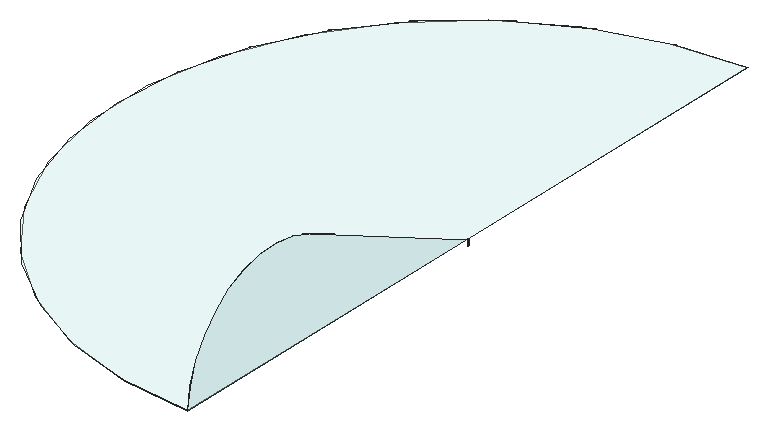
Revit family "Rotor Falvon 6504 Series - 6504PCSSNP", category Acessórios do tubo, Revit 2020
Family settings
  Cota do conector redondo = Utilizar diâmetro
  Tipo de parte = Normal
  Número OmniClass = 23.60.30.11.14
  Título OmniClass = Pipework Fittings
  Com base no plano de trabalho = Não
  Sempre na vertical = Sim
  Corte com vazios quando carregada = Não
  Compartilhado = Não
Parameters (values of type "Nozzle 18")
  Water = Water
  URL = "https://www.rainbird.com/"
  TABLE 90 = "TABLE 90psi"
  TABLE 80 = "TABLE 80psi"
  TABLE 70 = "TABLE 70psi"
  TABLE 60 = "TABLE 60psi"
  TABLE 50 = "TABLE 50psi"
  TABLE 40 = "TABLE 40psi"
  TABLE 30 = "TABLE 30psi"
  SupportProjetos: Reviw Date = ""  # constant formula
  SupportProjetos: Reviw = "R00"  # constant formula
  SupportProjetos: Level of Detail = "LOD 300"  # constant formula
  SupportProjetos: Developed = "MICHEL SOARES MOTA"  # constant formula
  SupportProjetos: Creation Date = "07/08/2020"  # constant formula
  Side inlet = no
  Rotation Water Visibility [instance] = Pop up on  # yes
  Rotation Angle [instance] = 180.00°
  RainBird: Product Link = "https://www.rainbird.com/"
  RainBird: Description = "FALCON 6504-PC-SS-NP Rotor "  # constant formula
  RainBird: Comment [instance] = ""
  RainBird: Code = "B65521NP"  # constant formula
  Radius [instance] = if(and(Pressure = 30.0 psi, Instance < 3 ft), size_lookup(TABLE 30, "Radius", 0 ft, Instance), if(and(Pressure = 40.0 psi, Instance < 9 ft), size_lookup(TABLE 40, "Radius", 0 ft, Instance), if(and(Pressure = 50.0 psi, Instance < 9 ft), size_lookup(TABLE 50, "Radius", 0 ft, Instance), if(and(Pressure = 60.0 psi, Instance < 9 ft), size_lookup(TABLE 60, "Radius", 0 ft, Instance), if(and(Pressure = 70.0 psi, Instance < 9 ft), size_lookup(TABLE 70, "Radius", 0 ft, Instance), if(and(Pressure = 80.0 psi, Instance < 9 ft), size_lookup(TABLE 80, "Radius", 0 ft, Instance), if(and(Pressure = 90.0 psi, Instance > 7 ft), size_lookup(TABLE 90, "Radius", 600 ft, Instance), 0 ft)))))))  # 63 ft
  RT = 0.009893 ft
  RN = 0.032808 ft
  R5 = 0.03937 ft
  R4 = 0.04101 ft
  R3 = 0.065617 ft
  R2 = 0.075407 ft
  R1 = 0.032808 ft
  Pressure [instance] = 60.0 psi
  Pop up height = 0.334646 ft
  Pop up on [instance] = yes
  Modelo = "6504-PCSSNP"  # constant formula
  Instance = 8 ft
  H1 = Body height / 3  # 0.236333 ft
  Flow [instance] = if(and(Pressure = 30.0 psi, Instance < 3 ft), size_lookup(TABLE 30, "Flow", 0.0 GPM, Instance), if(and(Pressure = 40.0 psi, Instance < 9 ft), size_lookup(TABLE 40, "Flow", 0.0 GPM, Instance), if(and(Pressure = 50.0 psi, Instance < 9 ft), size_lookup(TABLE 50, "Flow", 0.0 GPM, Instance), if(and(Pressure = 60.0 psi, Instance < 9 ft), size_lookup(TABLE 60, "Flow", 0.0 GPM, Instance), if(and(Pressure = 70.0 psi, Instance < 9 ft), size_lookup(TABLE 70, "Flow", 0.0 GPM, Instance), if(and(Pressure = 80.0 psi, Instance < 9 ft), size_lookup(TABLE 80, "Flow", 0.0 GPM, Instance), if(and(Pressure = 90.0 psi, Instance > 7 ft), size_lookup(TABLE 90, "Flow", 0.0 GPM, Instance), 0.0 GPM)))))))  # 17.1 GPM
  Fabricante = "Rain Bird"
  Elevação padrão = 0 ft
  Description = RainBird: Description  # "FALCON 6504-PC-SS-NP Rotor "
  DD13 = 0.002625 ft
  DD12 = 0.003937 ft
  DD11 = 0.009897 ft
  DD10 = 0.016404 ft
  DD8 [instance] = if(Pop up on, Pop up height, 0 ft)  # 0.334646 ft
  DD7 = 0.019685 ft
  DD6 [instance] = 0.016404 ft
  DD5 = 0.065617 ft
  DD4 = 0.032808 ft
  DD3 = 0.091048 ft
  DD2 [instance] = 0.024514 ft
  DD9 [instance] = if(Pop up on, Pop up height + 0.049541 ft, 0 ft)  # 0.384186 ft
  DD1 = 0.006562 ft
  Conection = 0.062664 ft  # constant formula
  Body height = 0.709 ft  # constant formula
  Blue = Blue Plastic
  Black Plastic = Black Plastic
  Angle = 25.00°
Types (9, lengths in ft): name | Radius | Pressure | Instance | Flow
  (no name) | 63 | 60.0 psi | 8 | 17.1 GPM
  Nozzle 4 | 43 | 80.0 psi | 1 | 4.6 GPM
  Nozzle 6 | 49 | 80.0 psi | 2 | 4.9 GPM
  Nozzle 8 | 53 | 80.0 psi | 3 | 9.4 GPM
  Nozzle 10 | 55 | 80.0 psi | 4 | 11.6 GPM
  Nozzle 12 | 61 | 80.0 psi | 5 | 14.0 GPM
  Tipo 14 | 61 | 80.0 psi | 6 | 16.2 GPM
  Nozzle 16 | 63 | 80.0 psi | 7 | 18.1 GPM
  Nozzle 18 | 63 | 60.0 psi | 8 | 17.1 GPM
Reference planes (ft)
  plane 1 "Centro (Frente/Trás)": y = 0
  plane 2: z = 0
  plane 3 "Centro (Esquerda/Direita)": x = 0
  plane 4: z = 0.003937
  plane 5: z = 0.002625
  plane 6: y = -0.065617
Forms (ft)
  Revolve 1, solid, material "Black Plastic" <- "Black Plastic"
    sketch origin (0, 0, 0) x (1, 0, 0) y (0, 0, 1)
      loop
        line (0.075407, -0.091048) -> (0.075407, -0.035324)
        arc (0.075407, -0.035324) -> (0.072509, -0.028329) -> (0.065514, -0.025431) r 0.009893
        line (0.065514, -0.025431) -> (0.046098, -0.025431) -> (0.046098, 0) -> (0.03937, 0) -> (0.03937, -0.334646) -> (0.019685, -0.334646) -> (0.019685, -0.702438) -> (0.032808, -0.702438) -> (0.032808, -0.709) -> (0.04101, -0.709) -> (0.04101, -0.702438) -> (0.055724, -0.702438)
        arc (0.055724, -0.702438) -> (0.062719, -0.699541) -> (0.065617, -0.692545) r 0.009893
        line (0.065617, -0.692545) -> (0.065617, -0.091048) -> (0.075407, -0.091048)
      axis (0, -0.709) -> (0, 0)
    angle from 0 to 360
  Extrusion 2, solid, material "Black Plastic" <- "Black Plastic"
    sketch origin (0, 0, 0) x (1, 0, 0) y (0, 1, 0)
      loop
        circle (0, 0) r 0.032808
    from -0.334646 to 0.334646
  Extrusion 3, void
    sketch origin (0, 0, 0) x (1, 0, 0) y (0, 1, 0)
      loop
        circle (0, 0) r 0.022844
    from -0.334646 to 0.334646
  Revolve 4, solid, material "Black Plastic" <- "Black Plastic"
    sketch origin (0, 0, 0) x (1, 0, 0) y (0, 0, 1)
      loop
        line (0, 0.334646) -> (0.037004, 0.334646) -> (0.037004, 0.344543)
        arc (0.037004, 0.344543) -> (0.01879, 0.349436) -> (0, 0.35105) r 0.10685
        line (0, 0.35105) -> (0, 0.334646)
      axis (0, 0.334646) -> (0, 0.35105)
    angle from 0 to 360
  Extrusion 5, solid, material "Blue Plastic" <- "Blue"
    sketch origin (0, 0, 0) x (1, 0, 0) y (0, 0, 1)
      loop
        circle (0, 0.310131) r 0.009129
      loop
        circle (0, 0.310131) r 0.004793
    from 0 to 0.034386
  Extrusion 6, void
    sketch origin (0, 0, 0) x (1, 0, 0) y (0, 0, 1)
      loop
        line (-0.02074, 0.328055) -> (-0.02074, 0.282426) -> (0.020672, 0.282426) -> (0.020672, 0.328055) -> (-0.02074, 0.328055)
      loop
        line (-0.018439, 0.325179) -> (-0.018439, 0.285685) -> (0.018179, 0.285685) -> (0.018179, 0.325179) -> (-0.018439, 0.325179)
    from 0.024556 to 0.06931
  Extrusion 7, solid, material "Black Plastic" <- "Black Plastic"
    sketch origin (0, 0, 0) x (1, 0, 0) y (0, 0, 1)
      loop
        line (0.046098, 0) -> (0.046098, -0.036876) -> (0.073493, -0.036876) -> (0.046098, 0)
    from -0.002998 to 0.002998
  Extrusion 8, solid, material "Black Plastic" <- "Black Plastic"
    sketch origin (0, 0, 0) x (-1, 0, 0) y (0, 0, -1)
      loop
        line (0.046098, 0) -> (0.073493, 0.036876) -> (0.046098, 0.036876) -> (0.046098, 0)
    from -0.002998 to 0.002998
  Extrusion 9, solid, material "Black Plastic" <- "Black Plastic"
    sketch origin (0, 0, 0) x (0.866025, 0.5, 0) y (0, 0, 1)
      loop
        line (0.046098, 0) -> (0.046098, -0.036876) -> (0.073493, -0.036876) -> (0.046098, 0)
    from -0.002998 to 0.002998
  Extrusion 10, solid, material "Black Plastic" <- "Black Plastic"
    sketch origin (0, 0, 0) x (-0.866025, -0.5, 0) y (0, 0, -1)
      loop
        line (0.046098, 0) -> (0.073493, 0.036876) -> (0.046098, 0.036876) -> (0.046098, 0)
    from -0.002998 to 0.002998
  Extrusion 11, solid, material "Black Plastic" <- "Black Plastic"
    sketch origin (0, 0, 0) x (0, 1, 0) y (0, 0, 1)
      loop
        line (0.046098, 0) -> (0.046098, -0.036876) -> (0.073493, -0.036876) -> (0.046098, 0)
    from -0.002998 to 0.002998
  Extrusion 12, solid, material "Black Plastic" <- "Black Plastic"
    sketch origin (0, 0, 0) x (0, -1, 0) y (0, 0, -1)
      loop
        line (0.046098, 0) -> (0.073493, 0.036876) -> (0.046098, 0.036876) -> (0.046098, 0)
    from -0.002998 to 0.002998
  Extrusion 13, solid, material "Black Plastic" <- "Black Plastic"
    sketch origin (0, 0, 0) x (0.5, 0.866025, 0) y (0, 0, 1)
      loop
        line (0.046098, 0) -> (0.046098, -0.036876) -> (0.073493, -0.036876) -> (0.046098, 0)
    from -0.002998 to 0.002998
  Extrusion 14, solid, material "Black Plastic" <- "Black Plastic"
    sketch origin (0, 0, 0) x (-0.5, -0.866025, 0) y (0, 0, -1)
      loop
        line (0.046098, 0) -> (0.073493, 0.036876) -> (0.046098, 0.036876) -> (0.046098, 0)
    from -0.002998 to 0.002998
  Extrusion 15, solid, material "Black Plastic" <- "Black Plastic"
    sketch origin (0, 0, 0) x (-0.5, 0.866025, 0) y (0, 0, 1)
      loop
        line (0.046098, 0) -> (0.046098, -0.036876) -> (0.073493, -0.036876) -> (0.046098, 0)
    from -0.002998 to 0.002998
  Extrusion 16, solid, material "Black Plastic" <- "Black Plastic"
    sketch origin (0, 0, 0) x (0.5, -0.866025, 0) y (0, 0, -1)
      loop
        line (0.046098, 0) -> (0.073493, 0.036876) -> (0.046098, 0.036876) -> (0.046098, 0)
    from -0.002998 to 0.002998
  Extrusion 17, solid, material "Black Plastic" <- "Black Plastic"
    sketch origin (0, 0, 0) x (-0.866025, 0.5, 0) y (0, 0, 1)
      loop
        line (0.046098, 0) -> (0.046098, -0.036876) -> (0.073493, -0.036876) -> (0.046098, 0)
    from -0.002998 to 0.002998
  Extrusion 18, solid, material "Black Plastic" <- "Black Plastic"
    sketch origin (0, 0, 0) x (0.866025, -0.5, 0) y (0, 0, -1)
      loop
        line (0.046098, 0) -> (0.073493, 0.036876) -> (0.046098, 0.036876) -> (0.046098, 0)
    from -0.002998 to 0.002998
  Extrusion 19, void
    sketch origin (0, 0, 0) x (1, 0, 0) y (0, 1, 0)
      loop
        line (-0.002998, 0.077702) -> (-0.002998, 0.071655) -> (0.002998, 0.071655) -> (0.002998, 0.077702) -> (-0.002998, 0.077702)
    from -0.091048 to 0.82021
  Extrusion 20, void
    sketch origin (0, 0, 0) x (1, 0, 0) y (0, 1, 0)
      loop
        line (0.002998, -0.077702) -> (0.002998, -0.071655) -> (-0.002998, -0.071655) -> (-0.002998, -0.077702) -> (0.002998, -0.077702)
    from -0.091048 to 0.82021
  Extrusion 21, void
    sketch origin (0, 0, 0) x (0.965926, 0.258819, 0) y (-0.258819, 0.965926, 0)
      loop
        line (-0.002998, 0.077702) -> (-0.002998, 0.071655) -> (0.002998, 0.071655) -> (0.002998, 0.077702) -> (-0.002998, 0.077702)
    from -0.091048 to 0.82021
  Extrusion 22, void
    sketch origin (0, 0, 0) x (0.965926, 0.258819, 0) y (-0.258819, 0.965926, 0)
      loop
        line (0.002998, -0.077702) -> (0.002998, -0.071655) -> (-0.002998, -0.071655) -> (-0.002998, -0.077702) -> (0.002998, -0.077702)
    from -0.091048 to 0.82021
  Extrusion 23, void
    sketch origin (0, 0, 0) x (0.866025, 0.5, 0) y (-0.5, 0.866025, 0)
      loop
        line (-0.002998, 0.077702) -> (-0.002998, 0.071655) -> (0.002998, 0.071655) -> (0.002998, 0.077702) -> (-0.002998, 0.077702)
    from -0.091048 to 0.82021
  Extrusion 24, void
    sketch origin (0, 0, 0) x (0.866025, 0.5, 0) y (-0.5, 0.866025, 0)
      loop
        line (0.002998, -0.077702) -> (0.002998, -0.071655) -> (-0.002998, -0.071655) -> (-0.002998, -0.077702) -> (0.002998, -0.077702)
    from -0.091048 to 0.82021
  Extrusion 25, void
    sketch origin (0, 0, 0) x (0.5, 0.866025, 0) y (-0.866025, 0.5, 0)
      loop
        line (-0.002998, 0.077702) -> (-0.002998, 0.071655) -> (0.002998, 0.071655) -> (0.002998, 0.077702) -> (-0.002998, 0.077702)
    from -0.091048 to 0.82021
  Extrusion 26, void
    sketch origin (0, 0, 0) x (0.5, 0.866025, 0) y (-0.866025, 0.5, 0)
      loop
        line (0.002998, -0.077702) -> (0.002998, -0.071655) -> (-0.002998, -0.071655) -> (-0.002998, -0.077702) -> (0.002998, -0.077702)
    from -0.091048 to 0.82021
  Extrusion 27, void
    sketch origin (0, 0, 0) x (0.707107, 0.707107, 0) y (-0.707107, 0.707107, 0)
      loop
        line (-0.002998, 0.077702) -> (-0.002998, 0.071655) -> (0.002998, 0.071655) -> (0.002998, 0.077702) -> (-0.002998, 0.077702)
    from -0.091048 to 0.82021
  Extrusion 28, void
    sketch origin (0, 0, 0) x (0.707107, 0.707107, 0) y (-0.707107, 0.707107, 0)
      loop
        line (0.002998, -0.077702) -> (0.002998, -0.071655) -> (-0.002998, -0.071655) -> (-0.002998, -0.077702) -> (0.002998, -0.077702)
    from -0.091048 to 0.82021
  Extrusion 29, void
    sketch origin (0, 0, 0) x (0.258819, 0.965926, 0) y (-0.965926, 0.258819, 0)
      loop
        line (-0.002998, 0.077702) -> (-0.002998, 0.071655) -> (0.002998, 0.071655) -> (0.002998, 0.077702) -> (-0.002998, 0.077702)
    from -0.091048 to 0.82021
  Extrusion 30, void
    sketch origin (0, 0, 0) x (0.258819, 0.965926, 0) y (-0.965926, 0.258819, 0)
      loop
        line (0.002998, -0.077702) -> (0.002998, -0.071655) -> (-0.002998, -0.071655) -> (-0.002998, -0.077702) -> (0.002998, -0.077702)
    from -0.091048 to 0.82021
  Extrusion 31, void
    sketch origin (0, 0, 0) x (0, 1, 0) y (-1, 0, 0)
      loop
        line (-0.002998, 0.077702) -> (-0.002998, 0.071655) -> (0.002998, 0.071655) -> (0.002998, 0.077702) -> (-0.002998, 0.077702)
    from -0.091048 to 0.82021
  Extrusion 32, void
    sketch origin (0, 0, 0) x (0, 1, 0) y (-1, 0, 0)
      loop
        line (0.002998, -0.077702) -> (0.002998, -0.071655) -> (-0.002998, -0.071655) -> (-0.002998, -0.077702) -> (0.002998, -0.077702)
    from -0.091048 to 0.82021
  Extrusion 33, void
    sketch origin (0, 0, 0) x (-0.258819, 0.965926, 0) y (-0.965926, -0.258819, 0)
      loop
        line (-0.002998, 0.077702) -> (-0.002998, 0.071655) -> (0.002998, 0.071655) -> (0.002998, 0.077702) -> (-0.002998, 0.077702)
    from -0.091048 to 0.82021
  Extrusion 34, void
    sketch origin (0, 0, 0) x (-0.258819, 0.965926, 0) y (-0.965926, -0.258819, 0)
      loop
        line (0.002998, -0.077702) -> (0.002998, -0.071655) -> (-0.002998, -0.071655) -> (-0.002998, -0.077702) -> (0.002998, -0.077702)
    from -0.091048 to 0.82021
  Extrusion 35, void
    sketch origin (0, 0, 0) x (-0.5, 0.866025, 0) y (-0.866025, -0.5, 0)
      loop
        line (-0.002998, 0.077702) -> (-0.002998, 0.071655) -> (0.002998, 0.071655) -> (0.002998, 0.077702) -> (-0.002998, 0.077702)
    from -0.091048 to 0.82021
  Extrusion 36, void
    sketch origin (0, 0, 0) x (-0.5, 0.866025, 0) y (-0.866025, -0.5, 0)
      loop
        line (0.002998, -0.077702) -> (0.002998, -0.071655) -> (-0.002998, -0.071655) -> (-0.002998, -0.077702) -> (0.002998, -0.077702)
    from -0.091048 to 0.82021
  Extrusion 37, void
    sketch origin (0, 0, 0) x (-0.707107, 0.707107, 0) y (-0.707107, -0.707107, 0)
      loop
        line (-0.002998, 0.077702) -> (-0.002998, 0.071655) -> (0.002998, 0.071655) -> (0.002998, 0.077702) -> (-0.002998, 0.077702)
    from -0.091048 to 0.82021
  Extrusion 38, void
    sketch origin (0, 0, 0) x (-0.707107, 0.707107, 0) y (-0.707107, -0.707107, 0)
      loop
        line (0.002998, -0.077702) -> (0.002998, -0.071655) -> (-0.002998, -0.071655) -> (-0.002998, -0.077702) -> (0.002998, -0.077702)
    from -0.091048 to 0.82021
  Extrusion 39, void
    sketch origin (0, 0, 0) x (-0.866025, 0.5, 0) y (-0.5, -0.866025, 0)
      loop
        line (-0.002998, 0.077702) -> (-0.002998, 0.071655) -> (0.002998, 0.071655) -> (0.002998, 0.077702) -> (-0.002998, 0.077702)
    from -0.091048 to 0.82021
  Extrusion 40, void
    sketch origin (0, 0, 0) x (-0.866025, 0.5, 0) y (-0.5, -0.866025, 0)
      loop
        line (0.002998, -0.077702) -> (0.002998, -0.071655) -> (-0.002998, -0.071655) -> (-0.002998, -0.077702) -> (0.002998, -0.077702)
    from -0.091048 to 0.82021
  Extrusion 41, void
    sketch origin (0, 0, 0) x (-0.965926, 0.258819, 0) y (-0.258819, -0.965926, 0)
      loop
        line (-0.002998, 0.077702) -> (-0.002998, 0.071655) -> (0.002998, 0.071655) -> (0.002998, 0.077702) -> (-0.002998, 0.077702)
    from -0.091048 to 0.82021
  Extrusion 42, void
    sketch origin (0, 0, 0) x (-0.965926, 0.258819, 0) y (-0.258819, -0.965926, 0)
      loop
        line (0.002998, -0.077702) -> (0.002998, -0.071655) -> (-0.002998, -0.071655) -> (-0.002998, -0.077702) -> (0.002998, -0.077702)
    from -0.091048 to 0.82021
  Extrusion 43, solid, material "Water" <- "Water", visible <- "Rotation Water Visibility"
    sketch origin (0, 0, 0) x (0, 1, 0) y (0, 0, 1)
      loop
        line (-0.032808, 0.310131) -> (-35.615202, 16.902474)
        arc (-35.615202, 16.902474) -> (-53.751991, 15.923219) -> (-63.032808, 0.310131) r 19.287003
        line (-63.032808, 0.310131) -> (-0.032808, 0.310131)
    from -0.008202 to 0.008202
Cuts and joins
  Extrusion 3, Extrusion 6 cuts Extrusion 2
  Extrusion 19, Extrusion 20, Extrusion 21, Extrusion 22, Extrusion 23, Extrusion 24, Extrusion 25, Extrusion 26, Extrusion 27, Extrusion 28, Extrusion 29, Extrusion 30, Extrusion 31, Extrusion 32, Extrusion 33, Extrusion 34, Extrusion 35, Extrusion 36, Extrusion 37, Extrusion 38, Extrusion 39, Extrusion 40, Extrusion 41, Extrusion 42 cuts Revolve 1
Dimensions and locks (ft)
  "Body height": level to Revolve 1 sketch curve
  "R2": Revolve 1 sketch curve to plane 3 "Centro (Esquerda/Direita)"
  "DD1": Revolve 1 sketch curve to Revolve 1 sketch curve
  "DD3": level to Revolve 1 sketch curve
  Revolve 1 sketch curve to plane 3 "Centro (Esquerda/Direita)" = 0.065617 ft
  "R4": Revolve 1 sketch curve to plane 3 "Centro (Esquerda/Direita)"
  "RN": Revolve 1 sketch curve to plane 3 "Centro (Esquerda/Direita)"
  "Pop up height": level to Revolve 1 sketch curve
  "R5": plane 3 "Centro (Esquerda/Direita)" to Revolve 1 sketch curve
  "DD7": Revolve 1 sketch curve to plane 3 "Centro (Esquerda/Direita)"
  "DD8": Extrusion 2 to level
  "DD12": plane 4 to level
  "DD13": plane 5 to level
  "R3": plane 6 to plane 1 "Centro (Frente/Trás)"
  "DD5": Revolve 1 sketch curve to Revolve 1 sketch curve
  "DD10": Revolve 4 sketch curve to Revolve 4 sketch curve
  "DD11": Revolve 4 sketch curve to Revolve 4 sketch curve
  "DD2": Revolve 4 to Extrusion 5 sketch curve  (x2)
  Extrusion 7 to plane 3 "Centro (Esquerda/Direita)" = 0.046098 ft
  equal spacing: Extrusion 7, plane 1 "Centro (Frente/Trás)", Extrusion 7
  Extrusion 8 to Extrusion 8 = 0.005995 ft
  Extrusion 9 to Extrusion 9 = 0.005995 ft
  Extrusion 20 sketch curve to Extrusion 20 sketch curve = 0.005995 ft
  Extrusion 22 sketch curve to Extrusion 22 sketch curve = 0.005995 ft
  Extrusion 24 sketch curve to Extrusion 24 sketch curve = 0.005995 ft
  Extrusion 26 sketch curve to Extrusion 26 sketch curve = 0.005995 ft
  Extrusion 28 sketch curve to Extrusion 28 sketch curve = 0.005995 ft
  Extrusion 30 sketch curve to Extrusion 30 sketch curve = 0.005995 ft
  Extrusion 32 sketch curve to Extrusion 32 sketch curve = 0.005995 ft
  Extrusion 34 sketch curve to Extrusion 34 sketch curve = 0.005995 ft
  Extrusion 36 sketch curve to Extrusion 36 sketch curve = 0.005995 ft
  Extrusion 38 sketch curve to Extrusion 38 sketch curve = 0.005995 ft
  Extrusion 40 sketch curve to Extrusion 40 sketch curve = 0.005995 ft
  Extrusion 42 sketch curve to Extrusion 42 sketch curve = 0.005995 ft
  "DD4": plane 1 "Centro (Frente/Trás)" to Extrusion 43 sketch curve
  "DD2": Revolve 4 to Extrusion 43 sketch curve
  "Radius": Extrusion 43 sketch curve to Extrusion 43 sketch curve
  equal spacing: Extrusion 43, plane 3 "Centro (Esquerda/Direita)", Extrusion 43
  "DD6": Extrusion 43 to Extrusion 43
  "DD2": Revolve 4 to nested 1
  "RT": radius of Revolve 1 sketch curve  (x2)
  "R1": radius of Extrusion 2 sketch curve
  "Angle": angle Extrusion 43 sketch curve to Extrusion 43 sketch curve
  aligned and locked: level to plane 2
  aligned and locked: Revolve 1 sketch curve to Revolve 1 sketch curve
  aligned and locked: Extrusion 2 to Revolve 1
  aligned and locked: cut or joined group of Extrusion 2, Extrusion 3, Extrusion 6 to cut or joined group of Extrusion 2, Extrusion 3, Extrusion 6  (x2)
  aligned and locked: Revolve 4 sketch curve to cut or joined group of Extrusion 2, Extrusion 3, Extrusion 6
  aligned and locked: Extrusion 20 to Revolve 1
  aligned and locked: Extrusion 22 to Revolve 1
  aligned and locked: Extrusion 24 to Revolve 1
  aligned and locked: Extrusion 28 to Revolve 1
  aligned and locked: Extrusion 26 to Revolve 1
  aligned and locked: Extrusion 30 to Revolve 1
  aligned and locked: Extrusion 32 to Revolve 1
  aligned and locked: Extrusion 34 to Revolve 1
  aligned and locked: Revolve 1 to Extrusion 36
  aligned and locked: Revolve 1 to Extrusion 38
  aligned and locked: Extrusion 41 to Revolve 1
  aligned and locked: Extrusion 39 to Revolve 1
  aligned and locked: Extrusion 37 to Revolve 1
  aligned and locked: Extrusion 35 to Revolve 1
  aligned and locked: Extrusion 33 to Revolve 1
  aligned and locked: Extrusion 31 to Revolve 1
  aligned and locked: Extrusion 29 to Revolve 1
  aligned and locked: Revolve 1 to Extrusion 25
  aligned and locked: Revolve 1 to Extrusion 27
  aligned and locked: Revolve 1 to Extrusion 19
  aligned and locked: Revolve 1 to Extrusion 21
  aligned and locked: Revolve 1 to Extrusion 42
  aligned and locked: Revolve 1 to Extrusion 40
  aligned and locked: Revolve 1 to Extrusion 23
Automatic sketch dimensions
  plane 1 "Centro (Frente/Trás)" to Extrusion 2 sketch curve = 0 ft
  Extrusion 2 sketch curve to plane 3 "Centro (Esquerda/Direita)" = 0 ft
  plane 1 "Centro (Frente/Trás)" to Extrusion 3 sketch curve = 0 ft
  Extrusion 3 sketch curve to plane 3 "Centro (Esquerda/Direita)" = 0 ft
  Revolve 4 sketch curve to plane 3 "Centro (Esquerda/Direita)" = 0 ft  (x2)
  plane 3 "Centro (Esquerda/Direita)" to Revolve 4 sketch curve = 0.000284 ft
  plane 3 "Centro (Esquerda/Direita)" to Revolve 4 sketch curve = 0.037004 ft
  Revolve 4 sketch curve to Revolve 4 sketch curve = 0.015719 ft
  Revolve 4 sketch curve to Revolve 4 sketch curve = 0.114829 ft
  Extrusion 5 sketch curve to Extrusion 5 sketch curve = 0 ft
  Extrusion 5 sketch curve to plane 3 "Centro (Esquerda/Direita)" = 0 ft
  Extrusion 6 sketch curve to plane 3 "Centro (Esquerda/Direita)" = 0.02074 ft
  Extrusion 6 sketch curve to Extrusion 6 sketch curve = 0.002301 ft
  plane 3 "Centro (Esquerda/Direita)" to Extrusion 6 sketch curve = 0.018179 ft
  Extrusion 6 sketch curve to Extrusion 6 sketch curve = 0.002492 ft
  plane 4 to Extrusion 6 sketch curve = 0.278489 ft
  Extrusion 6 sketch curve to Extrusion 6 sketch curve = 0.003259 ft
  Extrusion 6 sketch curve to Extrusion 6 sketch curve = 0.039494 ft
  Extrusion 6 sketch curve to Extrusion 6 sketch curve = 0.002876 ft
  Extrusion 7 sketch curve to level = 0 ft
  plane 3 "Centro (Esquerda/Direita)" to Extrusion 7 sketch curve = 0.046098 ft
  Extrusion 7 sketch curve to Extrusion 7 sketch curve = 0.027396 ft
  Extrusion 7 sketch curve to Extrusion 7 sketch curve = 0.036876 ft
  Extrusion 8 sketch curve to level = 0 ft
  plane 3 "Centro (Esquerda/Direita)" to Extrusion 8 sketch curve = 0.046098 ft
  Extrusion 8 sketch curve to Extrusion 8 sketch curve = 0.027396 ft
  Extrusion 8 sketch curve to Extrusion 8 sketch curve = 0.036876 ft
  Extrusion 9 sketch curve to level = 0 ft
  Extrusion 9 sketch curve to level = 0.036876 ft
  Extrusion 9 sketch curve to Extrusion 9 sketch curve = 0.027396 ft
  Extrusion 10 sketch curve to level = 0 ft
  Extrusion 10 sketch curve to level = 0.036876 ft
  Extrusion 10 sketch curve to Extrusion 10 sketch curve = 0.027396 ft
  Extrusion 11 sketch curve to level = 0 ft
  Extrusion 11 sketch curve to plane 1 "Centro (Frente/Trás)" = 0.046098 ft
  Extrusion 11 sketch curve to Extrusion 11 sketch curve = 0.027396 ft
  Extrusion 11 sketch curve to Extrusion 11 sketch curve = 0.036876 ft
  Extrusion 12 sketch curve to level = 0 ft
  plane 6 to Extrusion 12 sketch curve = 0.019519 ft
  Extrusion 12 sketch curve to plane 6 = 0.007877 ft
  Extrusion 12 sketch curve to level = 0.036876 ft
  Extrusion 13 sketch curve to level = 0 ft
  Extrusion 13 sketch curve to level = 0.036876 ft
  Extrusion 13 sketch curve to Extrusion 13 sketch curve = 0.027396 ft
  Extrusion 14 sketch curve to level = 0 ft
  Extrusion 14 sketch curve to level = 0.036876 ft
  Extrusion 14 sketch curve to Extrusion 14 sketch curve = 0.027396 ft
  level to Extrusion 15 sketch curve = 0 ft
  Extrusion 15 sketch curve to level = 0.036876 ft
  Extrusion 15 sketch curve to Extrusion 15 sketch curve = 0.027396 ft
  level to Extrusion 16 sketch curve = 0 ft
  Extrusion 16 sketch curve to level = 0.036876 ft
  Extrusion 16 sketch curve to Extrusion 16 sketch curve = 0.027396 ft
  level to Extrusion 17 sketch curve = 0 ft
  Extrusion 17 sketch curve to level = 0.036876 ft
  Extrusion 17 sketch curve to Extrusion 17 sketch curve = 0.027396 ft
  level to Extrusion 18 sketch curve = 0 ft
  Extrusion 18 sketch curve to level = 0.036876 ft
  Extrusion 18 sketch curve to Extrusion 18 sketch curve = 0.027396 ft
  Extrusion 19 sketch curve to plane 3 "Centro (Esquerda/Direita)" = 0.002998 ft
  Extrusion 19 sketch curve to plane 1 "Centro (Frente/Trás)" = 0.071655 ft
  Extrusion 19 sketch curve to Extrusion 19 sketch curve = 0.006047 ft
  plane 3 "Centro (Esquerda/Direita)" to Extrusion 20 sketch curve = 0.002998 ft
  plane 6 to Extrusion 20 sketch curve = 0.006038 ft
  Extrusion 20 sketch curve to Extrusion 20 sketch curve = 0.006047 ft
  plane 3 "Centro (Esquerda/Direita)" to Extrusion 19 sketch curve = 0.002998 ft
  Extrusion 21 sketch curve to plane 3 "Centro (Esquerda/Direita)" = 0.021441 ft
  Extrusion 21 sketch curve to plane 1 "Centro (Frente/Trás)" = 0.068438 ft
  Extrusion 21 sketch curve to Extrusion 21 sketch curve = 0.005995 ft
  Extrusion 21 sketch curve to Extrusion 21 sketch curve = 0.006047 ft
  Extrusion 22 sketch curve to plane 6 = 0.010213 ft
  plane 3 "Centro (Esquerda/Direita)" to Extrusion 22 sketch curve = 0.017215 ft
  Extrusion 22 sketch curve to Extrusion 22 sketch curve = 0.006047 ft
  Extrusion 23 sketch curve to plane 3 "Centro (Esquerda/Direita)" = 0.038424 ft
  Extrusion 23 sketch curve to plane 1 "Centro (Frente/Trás)" = 0.060556 ft
  Extrusion 23 sketch curve to Extrusion 23 sketch curve = 0.005995 ft
  Extrusion 23 sketch curve to Extrusion 23 sketch curve = 0.006047 ft
  Extrusion 24 sketch curve to plane 6 = 0.003174 ft
  plane 3 "Centro (Esquerda/Direita)" to Extrusion 24 sketch curve = 0.036255 ft
  Extrusion 24 sketch curve to Extrusion 24 sketch curve = 0.006047 ft
  Extrusion 25 sketch curve to plane 1 "Centro (Frente/Trás)" = 0.033231 ft
  Extrusion 25 sketch curve to plane 3 "Centro (Esquerda/Direita)" = 0.063554 ft
  Extrusion 25 sketch curve to Extrusion 25 sketch curve = 0.005995 ft
  Extrusion 25 sketch curve to Extrusion 25 sketch curve = 0.006047 ft
  Extrusion 26 sketch curve to plane 6 = 0.02417 ft
  Extrusion 26 sketch curve to plane 3 "Centro (Esquerda/Direita)" = 0.065793 ft
  Extrusion 26 sketch curve to Extrusion 26 sketch curve = 0.006047 ft
  Extrusion 27 sketch curve to plane 1 "Centro (Frente/Trás)" = 0.048548 ft
  Extrusion 27 sketch curve to plane 3 "Centro (Esquerda/Direita)" = 0.052787 ft
  Extrusion 27 sketch curve to Extrusion 27 sketch curve = 0.005995 ft
  Extrusion 27 sketch curve to Extrusion 27 sketch curve = 0.006047 ft
  plane 6 to Extrusion 28 sketch curve = 0.008554 ft
  plane 3 "Centro (Esquerda/Direita)" to Extrusion 28 sketch curve = 0.052824 ft
  Extrusion 28 sketch curve to Extrusion 28 sketch curve = 0.006047 ft
  Extrusion 29 sketch curve to plane 1 "Centro (Frente/Trás)" = 0.01565 ft
  Extrusion 29 sketch curve to plane 3 "Centro (Esquerda/Direita)" = 0.069989 ft
  Extrusion 29 sketch curve to Extrusion 29 sketch curve = 0.005995 ft
  Extrusion 29 sketch curve to Extrusion 29 sketch curve = 0.006047 ft
  plane 1 "Centro (Frente/Trás)" to Extrusion 30 sketch curve = 0.023006 ft
  plane 3 "Centro (Esquerda/Direita)" to Extrusion 30 sketch curve = 0.074278 ft
  Extrusion 30 sketch curve to Extrusion 30 sketch curve = 0.006047 ft
  plane 1 "Centro (Frente/Trás)" to Extrusion 31 sketch curve = 0.002998 ft
  Extrusion 31 sketch curve to plane 1 "Centro (Frente/Trás)" = 0.002998 ft
  Extrusion 31 sketch curve to plane 3 "Centro (Esquerda/Direita)" = 0.071655 ft
  Extrusion 31 sketch curve to Extrusion 31 sketch curve = 0.006047 ft
  plane 1 "Centro (Frente/Trás)" to Extrusion 32 sketch curve = 0.002998 ft
  plane 3 "Centro (Esquerda/Direita)" to Extrusion 32 sketch curve = 0.077702 ft
  Extrusion 32 sketch curve to Extrusion 32 sketch curve = 0.006047 ft
  plane 1 "Centro (Frente/Trás)" to Extrusion 33 sketch curve = 0.021441 ft
  Extrusion 33 sketch curve to plane 3 "Centro (Esquerda/Direita)" = 0.068438 ft
  Extrusion 33 sketch curve to Extrusion 33 sketch curve = 0.005995 ft
  Extrusion 33 sketch curve to Extrusion 33 sketch curve = 0.006047 ft
  Extrusion 34 sketch curve to plane 1 "Centro (Frente/Trás)" = 0.017215 ft
  plane 3 "Centro (Esquerda/Direita)" to Extrusion 34 sketch curve = 0.07583 ft
  Extrusion 34 sketch curve to Extrusion 34 sketch curve = 0.006047 ft
  plane 6 to Extrusion 35 sketch curve = 0.027193 ft
  Extrusion 35 sketch curve to plane 3 "Centro (Esquerda/Direita)" = 0.060556 ft
  Extrusion 35 sketch curve to Extrusion 35 sketch curve = 0.005995 ft
  Extrusion 35 sketch curve to Extrusion 35 sketch curve = 0.006047 ft
  Extrusion 36 sketch curve to plane 1 "Centro (Frente/Trás)" = 0.036255 ft
  plane 3 "Centro (Esquerda/Direita)" to Extrusion 36 sketch curve = 0.068791 ft
  Extrusion 36 sketch curve to Extrusion 36 sketch curve = 0.006047 ft
  plane 6 to Extrusion 37 sketch curve = 0.012829 ft
  Extrusion 37 sketch curve to plane 3 "Centro (Esquerda/Direita)" = 0.048548 ft
  Extrusion 37 sketch curve to Extrusion 37 sketch curve = 0.005995 ft
  Extrusion 37 sketch curve to Extrusion 37 sketch curve = 0.006047 ft
  Extrusion 38 sketch curve to plane 1 "Centro (Frente/Trás)" = 0.052824 ft
  plane 3 "Centro (Esquerda/Direita)" to Extrusion 38 sketch curve = 0.057063 ft
  Extrusion 38 sketch curve to Extrusion 38 sketch curve = 0.006047 ft
  plane 6 to Extrusion 39 sketch curve = 0.002063 ft
  Extrusion 39 sketch curve to plane 3 "Centro (Esquerda/Direita)" = 0.033231 ft
  Extrusion 39 sketch curve to Extrusion 39 sketch curve = 0.005995 ft
  Extrusion 39 sketch curve to Extrusion 39 sketch curve = 0.006047 ft
  plane 3 "Centro (Esquerda/Direita)" to Extrusion 40 sketch curve = 0.041447 ft
  Extrusion 40 sketch curve to plane 1 "Centro (Frente/Trás)" = 0.065793 ft
  Extrusion 40 sketch curve to Extrusion 40 sketch curve = 0.006047 ft
  Extrusion 41 sketch curve to plane 6 = 0.004372 ft
  Extrusion 41 sketch curve to plane 3 "Centro (Esquerda/Direita)" = 0.01565 ft
  Extrusion 41 sketch curve to Extrusion 41 sketch curve = 0.005995 ft
  Extrusion 41 sketch curve to Extrusion 41 sketch curve = 0.006047 ft
  plane 3 "Centro (Esquerda/Direita)" to Extrusion 42 sketch curve = 0.023006 ft
  Extrusion 42 sketch curve to plane 1 "Centro (Frente/Trás)" = 0.074278 ft
  Extrusion 42 sketch curve to Extrusion 42 sketch curve = 0.006047 ft
  Revolve 1 sketch curve to plane 3 "Centro (Esquerda/Direita)" = 0 ft
  Revolve 1 sketch curve to level = 0 ft
  Revolve 1 sketch curve to Revolve 1 sketch curve = 0.019416 ft
  plane 4 to Revolve 1 sketch curve = 0.079347 ft
  Revolve 1 sketch curve to Revolve 1 sketch curve = 0.918635 ft
  Extrusion 43 sketch curve to level = 0.577487 ft
  radius of Extrusion 3 sketch curve = 0.022844 ft
  radius of Extrusion 5 sketch curve = 0.009129 ft
  radius of Extrusion 5 sketch curve = 0.004793 ft
Nested families (ft)
  nested 1: "Water" at (0.00013, 0, 0.190874) x (0, -1, 0) z (0, 0, 1), DT9 <- "DD4", Radius <- "Radius", visible <- "Rotation Water Visibility", Rotation Angle <- "Rotation Angle", type "Water"
    with Rotation Angle 180.00°, Radius 63 ft, DT9 0.032808 ft, DT8 0 ft, DT7 252 ft, DT4 315 ft, Angle 2 180.00°
Connectors (ft)
  piping at (0, 0, -0.709), diameter 2
    settings: on cut or joined group of Revolve 1, Extrusion 19, Extrusion 20, Extrusion 21, Extrusion 22, Extrusion 23, Extrusion 24, Extrusion 25, Extrusion 26, Extrusion 27, Extrusion 28, Extrusion 29, Extrusion 30, Extrusion 31, Extrusion 32, Extrusion 33, Extrusion 34, Extrusion 35, Extrusion 36, Extrusion 37, Extrusion 38, Extrusion 39, Extrusion 40, Extrusion 41, Extrusion 42, index 1, connector inside diameter 609.6 mm, connector length 0 ft, flow factor 0, pipe flow 0.0 GPM, pressure drop 0.0 psi, fitting loss kfactor 0, connector angle 0.00°, fixture units 0, engagement length 0 ft, angle of deflection 0.00°, flow configuration 0, flow direction 0, fitting loss method 0, system type 28, joint type 0, gender type 0, connector reference index -1, connector utility 0, adjustable connector no, is connector primary yes, connector description ""
Definition of nested family "Water"
  Parameters (values of type "Water")
    Water Visibility (Circle) = yes
    Water = none
    URL = ""
    SupportProjetos: Reviw Date = ""  # constant formula
    SupportProjetos: Level of Detail = "LOD 300"  # constant formula
    SupportProjetos: Developed = "MICHEL SOARES MOTA"  # constant formula
    SupportProjetos: Creation Date = "16/07/2020"  # constant formula
    Rotation Angle [instance] = 90.00°
    Reviw = "R00"  # constant formula
    Radius [instance] = 14 ft
    Model = ""
    Default Elevation = 4 ft
    Description = ""
    DT9 [instance] = 0.032808 ft
    DT8 [instance] = if(Rotation Angle = 360.00°, 10 ft, 0 ft)  # 0 ft
    DT7 [instance] = 4 * Radius  # 56 ft
    DT4 [instance] = 5 * Radius  # 70 ft
    DT2 = 0.098425 ft  # constant formula
    DT6 = 0 ft
    Angle 2 [instance] = if(Rotation Angle = 360.00°, 180.00°, 360.00° - Rotation Angle)  # 270.00°
  Reference planes (ft)
    plane 1 "Centro (Frente/Trás)": y = 0
    plane 2: z = 0
    plane 3 "Centro (Esquerda/Direita)": x = 0
  Forms (ft)
    Revolve 1, solid, material <- "Water", visible <- "Water Visibility (Circle)"
      sketch origin (0, 0, 0) x (1, 0, 0) y (0, 0, 1)
        loop
          line (0.032808, 0.098425) -> (14.032808, 0.098425) -> (14.032808, 0.119259) -> (0.032808, 0.119259) -> (0.032808, 0.098425)
        axis (0, 0.098425) -> (0, 0.119259)
      angle from 0 to 360
    Extrusion 2, void
      sketch origin (0, 0, 0) x (1, 0, 0) y (0, 1, 0)
        loop
          line (0, 0) -> (70, 0) -> (70, 56)
          arc (70, 56) -> (-70.459018, 51.588344) -> (0, -70) r 81.847109
          line (0, -70) -> (0, 0)
      from 0 to 15.189231
  Cuts and joins
    Extrusion 2 cuts Revolve 1
  Dimensions and locks (ft)
    "DT2": Revolve 1 sketch curve to level
    "DT4": Extrusion 2 sketch curve to Extrusion 2 sketch curve  (x2)
    "DT6": Extrusion 2 sketch curve to plane 3 "Centro (Esquerda/Direita)"
    "DT7": Extrusion 2 sketch curve to Extrusion 2 sketch curve
    "DT8": cut or joined group of Revolve 1, Extrusion 2 to level
    "Radius": Revolve 1 sketch curve to Revolve 1 sketch curve
    "DT9": Revolve 1 sketch curve to plane 3 "Centro (Esquerda/Direita)"
    "Angle 2": angle Extrusion 2 sketch curve to Extrusion 2 sketch curve
    aligned and locked: level to plane 2
    aligned and locked: plane 1 "Centro (Frente/Trás)" to Extrusion 2 sketch curve
  Automatic sketch dimensions
    plane 3 "Centro (Esquerda/Direita)" to Extrusion 2 sketch curve = 1.088227 ft
    Revolve 1 sketch curve to plane 3 "Centro (Esquerda/Direita)" = 0 ft
    Revolve 1 sketch curve to Revolve 1 sketch curve = 0.020833 ft
    Revolve 1 sketch curve to Revolve 1 sketch curve = 0.032113 ft
    Revolve 1 sketch curve to Revolve 1 sketch curve = 10.2693 ft
